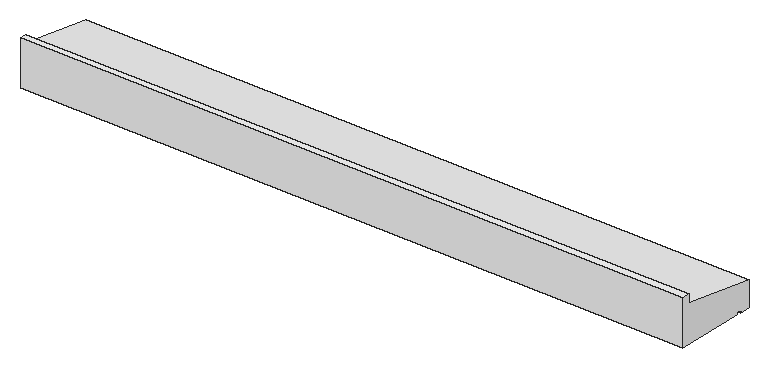
Revit family "WAC_A3-Watson-Concrete-Sills", category Specialty Equipment, host Wall, Revit 2016
Family settings
  Host = Wall
  Part Type = Normal
  Round Connector Dimension = Use Diameter
  Always vertical = Yes
  Cut with Voids When Loaded = No
  Shared = No
  Room Calculation Point = No
Parameters (values of type "Type E Sills")
  Window Length [instance] = 1339.3 mm
  Cill Length = 1000 mm
  Cill Height Int = 90 mm
  Cill Height Ext = 50 mm
  Cill Frame Width = 15 mm
  Cill Frame Height = 15 mm
  Cill Depth = 165 mm
  Assembly Code = ""
Types (3, lengths in mm): name | Cill Length | Cill Height Int | Cill Height Ext | Cill Frame Width | Cill Frame Height | Cill Depth
  Type P | 915 | 100 | 65 | 25 | 15 | 135
  Type E Sills | 1000 | 90 | 50 | 15 | 15 | 165
  Type EV | 1450 | 115 | 60 | 25 | 10 | 215
Reference planes
  plane 1 "Wall": y = 0
  plane 2 "Center (Left/Right)": x = 514.646
  plane 3 "Back": y = 165
  plane 4: x = 1184.296
  plane 5: x = -155.004
  plane 6: y = 215
  plane 7: y = 32.5
  plane 8: y = 55
  plane 9: y = -55
  plane 10: z = 829.985
  plane 11: z = 919.985
  plane 12: y = 50
  plane 13: y = 215
  plane 14: z = 904.985
  plane 15: z = 879.985
  plane 16: y = 195
  plane 17: y = 185
  plane 18: y = 65
Forms (mm)
  Extrusion 1, void
    sketch origin (514.646, 0, 490) x (0, 1, 0) y (0, 0, 1)
      loop
        line (40, 439.985) -> (40, 339.985) -> (212.5, 339.985) -> (212.5, 439.985) -> (40, 439.985)
    from -669.65 to 669.65
  Extrusion 2, solid, material "Paint White"
    sketch origin (514.646, 112.902, 0) x (0, 1, 0) y (0, 0, 1)
      loop
        line (-62.902, 829.985) -> (72.098, 829.985)
        arc (72.098, 829.985) -> (77.098, 834.985) -> (82.098, 829.985) r 5
        line (82.098, 829.985) -> (102.098, 829.985) -> (102.098, 879.985) -> (-47.902, 904.985) -> (-47.902, 919.985) -> (-62.902, 919.985) -> (-62.902, 829.985)
    from -669.65 to 669.65
Text (mm)
  text "Placement side" at (-1848.837, 1116.779, 0), in view "Ref. Level"
  text "Placement side" at (0, 1409.804, 2854.306), in view "Left"
  text "Placement side" at (0, 499.811, 2980.732), in view "Right"
Dimensions and locks
  locked: plane 3 "Back" to host wall
  equal spacing: plane 4, plane 2 "Center (Left/Right)", plane 5
  "Window Length": plane 4 to plane 5
  plane 6 to plane 7 = 182.5 mm
  locked: host wall to plane 6 at 50
  "Cill Depth": plane 12 to plane 13
  "Cill Height Int": plane 11 to plane 10
  "Cill Frame Height": plane 11 to plane 14
  "Cill Height Ext": plane 15 to plane 10
  "Cill Frame Width": plane 12 to plane 18
  plane 17 to plane 16 to plane 13 = 10 mm locked, 20 mm locked
  Extrusion 2 sketch curve to Extrusion 2 sketch curve = 165 mm
  locked: Extrusion 1 sketch curve to plane 11 at 10
  locked: Extrusion 1 sketch curve to Extrusion 2 at 10
  aligned and locked: plane 1 "Wall" to host wall
  aligned and locked: plane 4 to Extrusion 1
  aligned and locked: Extrusion 1 to plane 5
  aligned and locked: plane 13 to plane 6
  aligned and locked: Extrusion 2 sketch curve to plane 12
  aligned and locked: plane 6 to Extrusion 2
Automatic sketch dimensions
  Extrusion 1 sketch curve to plane 6 = 2.5 mm
  Extrusion 1 sketch curve to plane 10 = 0 mm
  Extrusion 2 sketch curve to plane 14 = 0 mm
  Extrusion 2 sketch curve to plane 18 = 0 mm
  Extrusion 2 sketch curve to plane 10 = 0 mm
  Extrusion 2 sketch curve to plane 17 = 0 mm
  Extrusion 2 sketch curve to plane 16 = 0 mm
  Extrusion 2 sketch curve to plane 15 = 0 mm
  Extrusion 2 sketch curve to plane 11 = 0 mm
